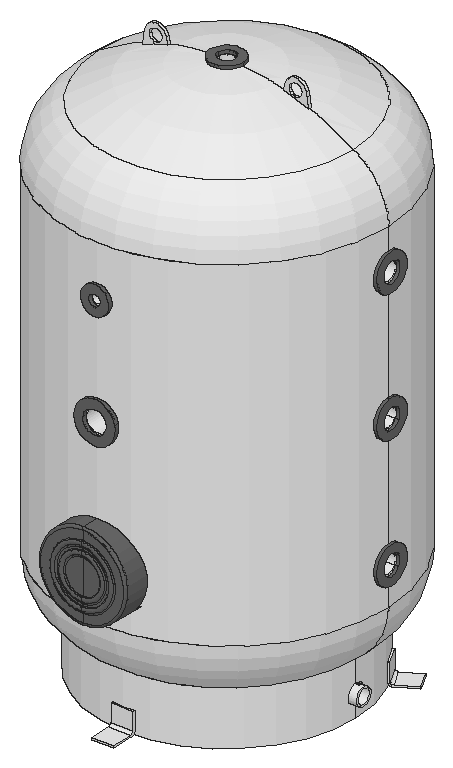
Revit family "MIT 304 - Accumulation Tank - 300L", category Specialty Equipment, Revit 2022
Family settings
  Round Connector Dimension = Use Diameter
  Part Type = Normal
  Work Plane-Based = No
  Always vertical = Yes
  Cut with Voids When Loaded = No
  Maintain Annotation Orientation = No
  Shared = No
  Room Calculation Point = No
Parameters
  URL = "https://en.ekinendustriyel.com/accumulation-tanks"
  Model = "MIT - 304"
  Manufacturer = "Ekin Endüstriyel"
  Keynote = "Accumulation Tank"
  Description = "MIT - Accumulation Tank - 300L - 10 bar"
  Default Elevation = 0 mm
Reference planes
  plane 1 "Center (Front/Back)": y = 0
  plane 2: z = 0
  plane 3 "Center (Left/Right)": x = 0
Forms (mm)
  Revolve 1, solid, material "Ekin Endüstriyel_StainlesSteel", detail levels fine
    sketch origin (0, 0, -14.473) x (1, 0, 0) y (0, 0, 1)
      loop
        line (-369.978, 1048.277) -> (-369.978, 266.713)
        arc (-369.978, 266.713) -> (-348.152, 190.998) -> (-290.771, 136.994) r 149.04
        arc (-290.771, 136.994) -> (-151.353, 74.242) -> (0, 52.614) r 545.882
        line (0, 52.614) -> (0, 102.614)
        arc (0, 102.614) -> (-138.435, 122.557) -> (-265.794, 180.362) r 495.882
        arc (-265.794, 180.362) -> (-304.941, 216.185) -> (-319.978, 267.074) r 99.04
        line (-319.978, 267.074) -> (-319.978, 1047.915)
        arc (-319.978, 1047.915) -> (-304.941, 1098.805) -> (-265.794, 1134.628) r 99.04
        arc (-265.794, 1134.628) -> (-138.435, 1192.432) -> (0, 1212.375) r 495.882
        line (0, 1212.375) -> (0, 1262.375)
        arc (0, 1262.375) -> (-151.353, 1240.748) -> (-290.771, 1177.995) r 545.882
        arc (-290.771, 1177.995) -> (-348.152, 1123.991) -> (-369.978, 1048.277) r 149.04
      axis (0, 1262.375) -> (0, 52.614)
    angle from 0 to 360
  Extrusion 2, void
    sketch origin (0, 0, -14.473) x (0, 1, 0) y (0, 0, 1)
      loop
        circle (0, 357.582) r 21
      loop
        circle (0, 657.582) r 21
      loop
        circle (0, 957.582) r 21
    from -375.49 to 372
  Extrusion 3, void
    sketch origin (0, 0, -14.473) x (1, 0, 0) y (0, 0, 1)
      loop
        circle (0, 932.582) r 10.25
      loop
        circle (0, 682.582) r 24.25
    from 290.359 to 375.794
  Sweep 4, solid, material "Ekin Endüstriyel_StainlesSteel", detail levels fine
    path origin (0, 0, -14.473) x (1, 0, 0) y (0, 0, 1)
      loop
        line (313, 65.436) -> (34.737, 65.436)
        arc (34.737, 65.436) -> (14.536, 71.854) -> (1.744, 88.755) r 35
    profile origin (173.868, 0, 50.963) x (0, 0, -1) y (0, -1, 0)
      loop
        circle (0.491, 0) r 19.75
      loop
        circle (0.491, 0) r 16.75
  Extrusion 5, void
    sketch origin (0, 0, -14.473) x (1, 0, 0) y (0, 1, 0)
      loop
        circle (-0.263, 0) r 16.75
    from 1202.337 to 1268.881
  Extrusion 6, solid, material "Ekin Endüstriyel_StainlesSteel", detail levels fine
    sketch origin (0, 0, -14.473) x (1, 0, 0) y (0, 0, 1)
      loop
        line (-132.862, 1245.687) -> (-135.38, 1259.965)
        arc (-135.38, 1259.965) -> (-160, 1280.624) -> (-184.62, 1259.965) r 25
        line (-184.62, 1259.965) -> (-190.297, 1227.772)
        arc (-190.297, 1227.772) -> (-161.819, 1237.499) -> (-132.862, 1245.687) r 561.967
      loop
        circle (-160, 1255.624) r 15
      loop
        arc (132.862, 1245.687) -> (161.819, 1237.499) -> (190.297, 1227.772) r 561.967
        line (190.297, 1227.772) -> (184.62, 1259.965)
        arc (184.62, 1259.965) -> (160, 1280.624) -> (135.38, 1259.965) r 25
        line (135.38, 1259.965) -> (132.862, 1245.687)
      loop
        circle (160, 1255.624) r 15
    from -2.5 to 2.5
  Extrusion 7, solid, material "Ekin Endüstriyel_StainlesSteel", detail levels fine
    sketch origin (0.263, -120, -14.473) x (0, 1, 0) y (0, 0, 1)
      loop
        line (-235, 18.473) -> (-235, 14.473) -> (-185, 14.473)
        arc (-185, 14.473) -> (-177.929, 17.402) -> (-175, 24.473) r 10
        line (-175, 24.473) -> (-175, 64.473) -> (-179, 64.473) -> (-179, 24.473)
        arc (-179, 24.473) -> (-180.757, 20.23) -> (-185, 18.473) r 6
        line (-185, 18.473) -> (-235, 18.473)
    from 24.737 to -25.263
  Extrusion 8, solid, material "Ekin Endüstriyel_StainlesSteel", detail levels fine
    sketch origin (104.025, 59.907, -14.473) x (-0.865184, -0.501455, 0) y (0, 0, 1)
      loop
        line (-235, 18.473) -> (-235, 14.473) -> (-185, 14.473)
        arc (-185, 14.473) -> (-177.929, 17.402) -> (-175, 24.473) r 10
        line (-175, 24.473) -> (-175, 64.473) -> (-179, 64.473) -> (-179, 24.473)
        arc (-179, 24.473) -> (-180.757, 20.23) -> (-185, 18.473) r 6
        line (-185, 18.473) -> (-235, 18.473)
    from 24.737 to -25.263
  Extrusion 9, solid, material "Ekin Endüstriyel_StainlesSteel", detail levels fine
    sketch origin (-103.821, 60.093, -14.473) x (0.866864, -0.498545, 0) y (0, 0, 1)
      loop
        line (-235, 18.473) -> (-235, 14.473) -> (-185, 14.473)
        arc (-185, 14.473) -> (-177.929, 17.402) -> (-175, 24.473) r 10
        line (-175, 24.473) -> (-175, 64.473) -> (-179, 64.473) -> (-179, 24.473)
        arc (-179, 24.473) -> (-180.757, 20.23) -> (-185, 18.473) r 6
        line (-185, 18.473) -> (-235, 18.473)
    from 24.737 to -25.263
  Revolve 10, solid, material "Ekin Endüstriyel_Gasket", detail levels fine
    sketch origin (0, -120, 51.507) x (0, 1, 0) y (0, 0, 1)
      loop
        line (-220.9, 417.603) -> (-287.983, 416.585)
        arc (-287.983, 416.585) -> (-291.469, 415.094) -> (-292.907, 411.586) r 5
        line (-292.907, 411.586) -> (-292.907, 390.985)
        arc (-292.907, 390.985) -> (-293.34, 389.861) -> (-294.077, 388.908) r 4.164
        arc (-294.077, 388.908) -> (-295.899, 383.853) -> (-294.077, 378.798) r 7.924
        arc (-294.077, 378.798) -> (-293.262, 377.7) -> (-292.847, 376.397) r 4.164
        line (-292.847, 376.397) -> (-292.847, 371.309)
        arc (-292.847, 371.309) -> (-293.262, 370.006) -> (-294.077, 368.908) r 4.164
        arc (-294.077, 368.908) -> (-295.899, 363.853) -> (-294.077, 358.798) r 7.924
        arc (-294.077, 358.798) -> (-293.262, 357.7) -> (-292.847, 356.397) r 4.164
        line (-292.847, 356.397) -> (-292.847, 316.603) -> (-220.9, 316.603) -> (-220.9, 417.603)
      axis (-294.077, 316.603) -> (-220.9, 316.603)
    angle from 0 to 360
  Extrusion 11, void
    sketch origin (0, 0, -14.473) x (0, 1, 0) y (0, 0, 1)
      loop
        circle (0, 64.944) r 22
    from 284.662 to 302.395
  Revolve 12, solid, material "Ekin Endüstriyel_StainlesSteel", detail levels fine
    sketch origin (0, 0, -14.473) x (1, 0, 0) y (0, 0, 1)
      loop
        line (-292, 14.473) -> (-292, 138.089) -> (-295, 139.843) -> (-295, 14.473) -> (-292, 14.473)
      axis (0, 139.843) -> (0, 14.473)
    angle from 0 to 360
  Extrusion 13, solid, material "Ekin Endüstriyel_Gasket", detail levels medium+fine
    sketch origin (-800, 0, -14.473) x (0, 1, 0) y (0, 0, -1)
      loop
        circle (0, -957.582) r 42.5
      loop
        circle (0, -657.582) r 42.5
      loop
        circle (0, -357.582) r 42.5
      loop
        circle (0, -357.582) r 24
      loop
        circle (0, -657.582) r 24
      loop
        circle (0, -957.582) r 24
    from -1177.69 to -1170.029
  Extrusion 14, solid, material "Ekin Endüstriyel_Gasket", detail levels medium+fine
    sketch origin (800, 0, -14.473) x (1, 0, 0) y (0, 1, 0)
      loop
        circle (-800, 0) r 38.263
      loop
        circle (-800, 0) r 20.238
    from 1262.337 to 1268.821
  Extrusion 15, solid, material "Ekin Endüstriyel_Gasket", detail levels medium+fine
    sketch origin (0, 0, 0) x (1, 0, 0) y (0, 0, 1)
      loop
        circle (0, 668.109) r 47.5
      loop
        circle (0, 918.109) r 32.5
      loop
        circle (0, 668.109) r 27.25
      loop
        circle (0, 918.109) r 13.25
    from 370.055 to 377.447
  Extrusion 16, solid, material "Ekin Endüstriyel_Gasket", detail levels medium+fine
    sketch origin (800, 0, -14.473) x (0, 1, 0) y (0, 0, 1)
      loop
        circle (0, 957.582) r 42.5
      loop
        circle (0, 657.582) r 42.5
      loop
        circle (0, 357.582) r 42.5
      loop
        circle (0, 357.582) r 24
      loop
        circle (0, 657.582) r 24
      loop
        circle (0, 957.582) r 24
    from -1177.69 to -1170.029
  Revolve 17, solid, material "Ekin Endüstriyel_StainlesSteel", detail levels medium
    sketch origin (0, 0, -14.473) x (1, 0, 0) y (0, 0, 1)
      loop
        line (-369.978, 1048.277) -> (-369.978, 266.713)
        arc (-369.978, 266.713) -> (-348.152, 190.998) -> (-290.771, 136.994) r 149.04
        arc (-290.771, 136.994) -> (-151.353, 74.242) -> (0, 52.614) r 545.882
        line (0, 52.614) -> (0, 1262.375)
        arc (0, 1262.375) -> (-151.353, 1240.748) -> (-290.771, 1177.995) r 545.882
        arc (-290.771, 1177.995) -> (-348.152, 1123.991) -> (-369.978, 1048.277) r 149.04
      axis (0, 1262.375) -> (0, 52.614)
    angle from 0 to 360
  Revolve 18, solid, material "Ekin Endüstriyel_Gasket", detail levels fine
    sketch origin (0, -120, 51.507) x (0, 1, 0) y (0, 0, 1)
      loop
        line (-220.9, 417.603) -> (-287.983, 416.585)
        arc (-287.983, 416.585) -> (-291.469, 415.094) -> (-292.907, 411.586) r 5
        line (-292.907, 411.586) -> (-292.907, 390.985)
        arc (-292.907, 390.985) -> (-293.34, 389.861) -> (-294.077, 388.908) r 4.164
        arc (-294.077, 388.908) -> (-295.899, 383.853) -> (-294.077, 378.798) r 7.924
        arc (-294.077, 378.798) -> (-293.262, 377.7) -> (-292.847, 376.397) r 4.164
        line (-292.847, 376.397) -> (-292.847, 371.309)
        arc (-292.847, 371.309) -> (-293.262, 370.006) -> (-294.077, 368.908) r 4.164
        arc (-294.077, 368.908) -> (-295.899, 363.853) -> (-294.077, 358.798) r 7.924
        arc (-294.077, 358.798) -> (-293.262, 357.7) -> (-292.847, 356.397) r 4.164
        line (-292.847, 356.397) -> (-292.847, 316.603) -> (-220.9, 316.603) -> (-220.9, 417.603)
      axis (-294.077, 316.603) -> (-220.9, 316.603)
    angle from 0 to 360
  Revolve 19, solid, material "Ekin Endüstriyel_StainlesSteel", detail levels medium
    sketch origin (0, 0, -14.473) x (1, 0, 0) y (0, 0, 1)
      loop
        line (-292, 14.473) -> (-292, 138.089) -> (-295, 139.843) -> (-295, 14.473) -> (-292, 14.473)
      axis (0, 139.843) -> (0, 14.473)
    angle from 0 to 360
  Extrusion 20, solid, material "Ekin Endüstriyel_Gasket", detail levels coarse
    sketch origin (-800, 0, -14.473) x (0, 1, 0) y (0, 0, -1)
      loop
        circle (0, -957.582) r 42.5
      loop
        circle (0, -657.582) r 42.5
      loop
        circle (0, -357.582) r 42.5
    from -1177.69 to -1170.029
  Extrusion 21, solid, material "Ekin Endüstriyel_Gasket", detail levels coarse
    sketch origin (800, 0, -14.473) x (1, 0, 0) y (0, 1, 0)
      loop
        circle (-800, 0) r 38.263
    from 1262.337 to 1268.821
  Extrusion 22, solid, material "Ekin Endüstriyel_Gasket", detail levels coarse
    sketch origin (0, 0, 0) x (1, 0, 0) y (0, 0, 1)
      loop
        circle (0, 668.109) r 47.5
      loop
        circle (0, 918.109) r 32.5
    from 370.055 to 377.447
  Extrusion 23, solid, material "Ekin Endüstriyel_Gasket", detail levels coarse
    sketch origin (800, 0, -14.473) x (0, 1, 0) y (0, 0, 1)
      loop
        circle (0, 957.582) r 42.5
      loop
        circle (0, 657.582) r 42.5
      loop
        circle (0, 357.582) r 42.5
    from -1177.69 to -1170.029
  Extrusion 24, solid, material "Ekin Endüstriyel_Gasket", detail levels coarse+medium
    sketch origin (1000, 0, 0) x (1, 0, 0) y (0, 0, 1)
      loop
        circle (-1000, 368.109) r 101
    from 340.9 to 416.043
  Extrusion 25, solid, material "Ekin Endüstriyel_StainlesSteel", detail levels coarse
    sketch origin (-1000, 0, 0) x (1, 0, 0) y (0, 1, 0)
      loop
        circle (1000, 0) r 295
    from 0 to 124.852
  Extrusion 26, solid, material "Ekin Endüstriyel_StainlesSteel", detail levels coarse
    sketch origin (-1000, 0, 0) x (1, 0, 0) y (0, 1, 0)
      loop
        circle (1000, 0) r 369.978
    from 123.181 to 1247.865
  Extrusion 27, solid, material "Ekin Endüstriyel_StainlesSteel", detail levels medium
    sketch origin (313, 0, 50.963) x (0, 0, 1) y (0, -1, 0)
      loop
        circle (-0.491, 0) r 16.75
      loop
        circle (-0.491, 0) r 19.75
    from 0 to -19.591
  Extrusion 28, solid, material "Ekin Endüstriyel_StainlesSteel", detail levels coarse
    sketch origin (313, 0, 50.963) x (0, 0, 1) y (0, -1, 0)
      loop
        circle (-0.491, 0) r 19.75
    from 0 to -19.591
Cuts and joins
  Extrusion 2, Extrusion 3, Extrusion 5 cuts Revolve 1
  Extrusion 11 cuts Revolve 12
  joined: Revolve 1, Sweep 4, Revolve 12
  joined: Extrusion 25, Extrusion 26
  joined: Revolve 17, Revolve 19, Extrusion 27
Dimensions and locks
  aligned and locked: level to plane 2
Connectors
  piping at (-377.69, 0, 943.109), diameter 31.8
    settings: on Extrusion 16, index 1, connector inside diameter 609.6 mm, connector length 0 mm, flow factor 0, pipe flow 0.0 L/s, pressure drop 0.0 Pa, fitting loss kfactor 0, connector angle 0.00°, fixture units 0, engagement length 0 mm, angle of deflection 0.00°, flow configuration 0, flow direction 2, fitting loss method 0, system type 7, joint type 0, gender type 0, connector reference index -1, connector utility 0, adjustable connector no, is connector primary yes, connector description ""
  piping at (-377.69, 0, 643.109), diameter 31.8
    settings: on Extrusion 16, index 2, connector inside diameter 609.6 mm, connector length 0 mm, flow factor 0, pipe flow 0.0 L/s, pressure drop 0.0 Pa, fitting loss kfactor 0, connector angle 0.00°, fixture units 0, engagement length 0 mm, angle of deflection 0.00°, flow configuration 0, flow direction 0, fitting loss method 0, system type 7, joint type 0, gender type 0, connector reference index -1, connector utility 0, adjustable connector no, is connector primary no, connector description ""
  piping at (-377.69, 0, 343.109), diameter 31.8
    settings: on Extrusion 16, index 3, connector inside diameter 609.6 mm, connector length 0 mm, flow factor 0, pipe flow 0.0 L/s, pressure drop 0.0 Pa, fitting loss kfactor 0, connector angle 0.00°, fixture units 0, engagement length 0 mm, angle of deflection 0.00°, flow configuration 0, flow direction 1, fitting loss method 0, system type 7, joint type 0, gender type 0, connector reference index -1, connector utility 0, adjustable connector no, is connector primary no, connector description ""
  piping at (377.69, 0, 943.109), diameter 31.8
    settings: on Extrusion 13, index 4, connector inside diameter 609.6 mm, connector length 0 mm, flow factor 0, pipe flow 0.0 L/s, pressure drop 0.0 Pa, fitting loss kfactor 0, connector angle 0.00°, fixture units 0, engagement length 0 mm, angle of deflection 0.00°, flow configuration 0, flow direction 2, fitting loss method 0, system type 7, joint type 0, gender type 0, connector reference index -1, connector utility 0, adjustable connector no, is connector primary no, connector description ""
  piping at (377.69, 0, 643.109), diameter 31.8
    settings: on Extrusion 13, index 5, connector inside diameter 609.6 mm, connector length 0 mm, flow factor 0, pipe flow 0.0 L/s, pressure drop 0.0 Pa, fitting loss kfactor 0, connector angle 0.00°, fixture units 0, engagement length 0 mm, angle of deflection 0.00°, flow configuration 0, flow direction 0, fitting loss method 0, system type 7, joint type 0, gender type 0, connector reference index -1, connector utility 0, adjustable connector no, is connector primary no, connector description ""
  piping at (377.69, 0, 343.109), diameter 31.8
    settings: on Extrusion 13, index 6, connector inside diameter 609.6 mm, connector length 0 mm, flow factor 0, pipe flow 0.0 L/s, pressure drop 0.0 Pa, fitting loss kfactor 0, connector angle 0.00°, fixture units 0, engagement length 0 mm, angle of deflection 0.00°, flow configuration 0, flow direction 1, fitting loss method 0, system type 7, joint type 0, gender type 0, connector reference index -1, connector utility 0, adjustable connector no, is connector primary no, connector description ""
  piping at (0, -377.447, 918.109), diameter 12.7
    settings: on Extrusion 15, index 7, connector inside diameter 609.6 mm, connector length 0 mm, flow factor 0, pipe flow 0.0 L/s, pressure drop 0.0 Pa, fitting loss kfactor 0, connector angle 0.00°, fixture units 0, engagement length 0 mm, angle of deflection 0.00°, flow configuration 0, flow direction 0, fitting loss method 0, system type 7, joint type 0, gender type 0, connector reference index -1, connector utility 0, adjustable connector no, is connector primary no, connector description ""
  piping at (0, -377.447, 668.109), diameter 38.1
    settings: on Extrusion 15, index 8, connector inside diameter 609.6 mm, connector length 0 mm, flow factor 0, pipe flow 0.0 L/s, pressure drop 0.0 Pa, fitting loss kfactor 0, connector angle 0.00°, fixture units 0, engagement length 0 mm, angle of deflection 0.00°, flow configuration 0, flow direction 0, fitting loss method 0, system type 7, joint type 0, gender type 0, connector reference index -1, connector utility 0, adjustable connector no, is connector primary no, connector description ""
  cabletrayconduit at (0, 0, 1254.349), diameter 25.4
    settings: on Extrusion 14, index 9, connector width 300 mm, connector height 300 mm, connector angle 0.00°, system type 32, placement type 0, profile type 0, connector reference index -1, is primary connector yes, connector utility param no, connector description ""
  piping at (313, 0, 50.472), diameter 25.4
    settings: on cut or joined group of Revolve 1, Extrusion 2, Extrusion 3, Sweep 4, Extrusion 5, Extrusion 11, Revolve 12, index 10, connector inside diameter 609.6 mm, connector length 0 mm, flow factor 0, pipe flow 0.0 L/s, pressure drop 0.0 Pa, fitting loss kfactor 0, connector angle 0.00°, fixture units 0, engagement length 0 mm, angle of deflection 0.00°, flow configuration 0, flow direction 2, fitting loss method 0, system type 7, joint type 0, gender type 0, connector reference index -1, connector utility 0, adjustable connector no, is connector primary no, connector description ""
  piping at (0, -416.043, 368.109), diameter 101.6
    settings: on Extrusion 24, index 11, connector inside diameter 609.6 mm, connector length 0 mm, flow factor 0, pipe flow 0.0 L/s, pressure drop 0.0 Pa, fitting loss kfactor 0, connector angle 0.00°, fixture units 0, engagement length 0 mm, angle of deflection 0.00°, flow configuration 0, flow direction 2, fitting loss method 0, system type 7, joint type 0, gender type 0, connector reference index -1, connector utility 0, adjustable connector no, is connector primary no, connector description ""
